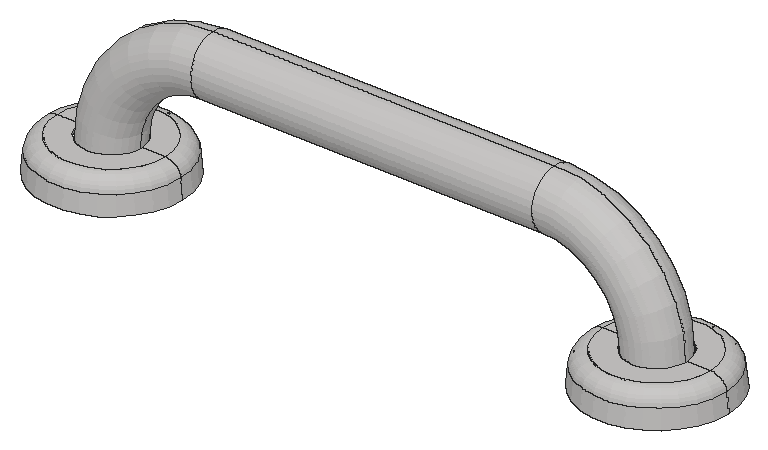
Revit family "84730040 virtu comfort grab rail 300mm", category Plumbing Fixtures, host Face, Revit 2015
Parameters (values of type "Virtu Comfort Grab Rail 300mm")
  Waste Connection = no
  Vent Connection = no
  URL = "https://www.caroma.com.au/"
  Rail_Width = 300 mm
  Rail_Height = 73 mm
  Model = "84730040"
  Material_Base = GWA_Metal-Stainless
  Manufacturer = "GWA Bathrooms & Kitchens"  # constant formula
  HW Connection = no
  Description = "Virtu Comfort Grab Rail 300mm"
  Default Elevation = 0 mm
  CreatedBy_ANZRS = "GWA Bathrooms & Kitchens"  # constant formula
  CW Connection = no
  Assembly Code = "C1030200"
Reference planes
  plane 1 "Center (Front/Back)": y = 0
  plane 2: z = 0
  plane 3 "Center (Left/Right)": x = 0
  plane 4 "Left": x = -150
  plane 5 "Right": x = 150
  plane 6 "Rail_Centre": z = 73
Forms (mm)
  Revolve 1, solid, material "GWA_Metal-Stainless" <- "Material_Base"
    sketch origin (0, 0, 0) x (1, 0, 0) y (0, 0, 1)
      loop
        line (-167, 16.9) -> (-167, 18) -> (-179.753, 18)
        arc (-179.753, 18) -> (-185.44, 15.817) -> (-188.206, 10.39) r 8.5
        line (-188.206, 10.39) -> (-189.3, 0) -> (-188.194, 0) -> (-187.112, 10.275)
        arc (-187.112, 10.275) -> (-184.704, 15) -> (-179.753, 16.9) r 7.4
        line (-179.753, 16.9) -> (-167, 16.9)
      axis (-150, 18) -> (-150, 0)
    angle from 0 to 360
  Revolve 2, solid, material "GWA_Metal-Stainless" <- "Material_Base"
    sketch origin (300, 0, 0) x (1, 0, 0) y (0, 0, 1)
      loop
        line (-167, 16.9) -> (-167, 18) -> (-179.753, 18)
        arc (-179.753, 18) -> (-185.44, 15.817) -> (-188.206, 10.39) r 8.5
        line (-188.206, 10.39) -> (-189.3, 0) -> (-188.194, 0) -> (-187.112, 10.275)
        arc (-187.112, 10.275) -> (-184.704, 15) -> (-179.753, 16.9) r 7.4
        line (-179.753, 16.9) -> (-167, 16.9)
      axis (-150, 18) -> (-150, 0)
    angle from 0 to 360
  Sweep 3, solid, material "GWA_Metal-Stainless" <- "Material_Base"
    path origin (0, 0, 0) x (1, 0, 0) y (0, 0, 1)
      loop
        line (-150, 0) -> (-150, 17)
        arc (-150, 17) -> (-133.598, 56.598) -> (-94, 73) r 56
        line (-94, 73) -> (94, 73)
        arc (94, 73) -> (133.598, 56.598) -> (150, 17) r 56
        line (150, 17) -> (150, 0)
    profile origin (-150, 0, 8.5) x (-1, 0, 0) y (0, -1, 0)
      loop
        circle (0, 0) r 16
Lines and regions (mm)
  Masking region 1
    outline origin (0, 0, 40) x (-1, 0, 0) y (0, -1, 0)
      loop
        arc (114.104, -16) -> (189.3, 0) -> (114.104, 16) r 39.3
        line (114.104, 16) -> (-114.104, 16)
        arc (-114.104, 16) -> (-189.3, 0) -> (-114.104, -16) r 39.3
        line (-114.104, -16) -> (114.104, -16)
  Masking region 2
    outline origin (0, 0, 0) x (1, 0, 0) y (0, 0, 1)
      loop
        line (-189.3, 0) -> (-110.7, 0) -> (-111.792, 10.388)
        arc (-111.792, 10.388) -> (-114.558, 15.817) -> (-120.245, 18) r 8.5
        line (-120.245, 18) -> (-133.987, 18)
        arc (-133.987, 18) -> (-121.928, 45.636) -> (-94, 57) r 40
        line (-94, 57) -> (94, 57)
        arc (94, 57) -> (121.928, 45.636) -> (133.987, 18) r 40
        line (133.987, 18) -> (120.245, 18)
        arc (120.245, 18) -> (114.558, 15.817) -> (111.792, 10.388) r 8.5
        line (111.792, 10.388) -> (110.7, 0) -> (189.3, 0) -> (188.208, 10.388)
        arc (188.208, 10.388) -> (185.442, 15.817) -> (179.755, 18) r 8.5
        line (179.755, 18) -> (165.993, 18)
        arc (165.993, 18) -> (144.557, 68.264) -> (94, 89) r 72
        line (94, 89) -> (-94, 89)
        arc (-94, 89) -> (-144.557, 68.264) -> (-165.993, 18) r 72
        line (-165.993, 18) -> (-179.755, 18)
        arc (-179.755, 18) -> (-185.442, 15.817) -> (-188.208, 10.388) r 8.5
        line (-188.208, 10.388) -> (-189.3, 0)
  Masking region 3
    outline origin (0, 0, 0) x (0, 1, 0) y (0, 0, 1)
      loop
        line (-39.3, 0) -> (39.3, 0) -> (38.208, 10.388)
        arc (38.208, 10.388) -> (35.442, 15.817) -> (29.755, 18) r 8.5
        line (29.755, 18) -> (16, 18) -> (16, 73)
        arc (16, 73) -> (0, 89) -> (-16, 73) r 16
        line (-16, 73) -> (-16, 18) -> (-29.755, 18)
        arc (-29.755, 18) -> (-35.442, 15.817) -> (-38.208, 10.388) r 8.5
        line (-38.208, 10.388) -> (-39.3, 0)
  symbolic lines
    curve 1: arc (-167, 0, 40) -> (-159.758, 13.92, 40) -> (-144.203, 15.981, 40) r 17
    curve 2: arc (-144.203, -15.981, 40) -> (-159.758, -13.92, 40) -> (-167, 0, 40) r 17
    curve 3: arc (-114.104, 16, 40) -> (-189.3, 0, 40) -> (-114.104, -16, 40) r 39.3
    curve 4: arc (144.255, 16, 40) -> (167, 0, 40) -> (144.255, -16, 40) r 17
    curve 5: line (150, 16, 40) -> (114.104, 16, 40)
    curve 6: line (150, -16, 40) -> (114.104, -16, 40)
    curve 7: arc (150, 16, 40) -> (166, 0, 40) -> (150, -16, 40) r 16
    curve 8: arc (-150, -16, 40) -> (-166, 0, 40) -> (-150, 16, 40) r 16
    curve 9: arc (-144.203, 15.981, 40) -> (-167, 0, 40) -> (-144.203, -15.981, 40) r 17
    curve 10: line (-150, 16, 40) -> (-114.104, 16, 40)
    curve 11: line (-165.993, 0, 18) -> (-133.987, 0, 18)
    curve 12: line (133.987, 0, 18) -> (165.993, 0, 18)
    curve 13: line (0, -16, 18) -> (0, 16, 18)
    curve 14: line (-114.104, -16, 40) -> (-150, -16, 40)
Dimensions and locks
  "Rail_Width": plane 4 "Left" to plane 5 "Right"
  equal spacing: plane 4 "Left", plane 3 "Center (Left/Right)", plane 5 "Right"
  "Rail_Height": plane 6 "Rail_Centre" to host face
  aligned and locked: plane 2 to host face
  aligned and locked: level to host face
Automatic sketch dimensions
  host sketch curve to host sketch curve = 2438.4 mm  (x2)
  Revolve 1 sketch curve to Revolve 1 sketch curve = 0 mm  (x2)
  Revolve 1 sketch curve to level = 0 mm
  Revolve 1 sketch curve to plane 4 "Left" = 0 mm
  Revolve 1 sketch curve to plane 4 "Left" = 17 mm
  Revolve 1 sketch curve to Revolve 1 sketch curve = 12.753 mm
  level to Revolve 1 sketch curve = 10.275 mm
  Revolve 1 sketch curve to Revolve 1 sketch curve = 7.359 mm
  Revolve 1 sketch curve to Revolve 1 sketch curve = 1.082 mm
  level to Revolve 1 sketch curve = 10.39 mm
  Revolve 1 sketch curve to Revolve 1 sketch curve = 1.094 mm
  Revolve 1 sketch curve to Revolve 1 sketch curve = 1.106 mm
  Revolve 1 sketch curve to Revolve 1 sketch curve = 0.775 mm
  level to Revolve 1 sketch curve = 7.862 mm
  Revolve 1 sketch curve to Revolve 1 sketch curve = 12.173 mm
  Revolve 2 sketch curve to Revolve 2 sketch curve = 0 mm  (x2)
  Revolve 2 sketch curve to level = 0 mm
  Revolve 2 sketch curve to plane 5 "Right" = 0 mm
  Revolve 2 sketch curve to plane 5 "Right" = 17 mm
  Revolve 2 sketch curve to Revolve 2 sketch curve = 12.753 mm
  level to Revolve 2 sketch curve = 10.275 mm
  Revolve 2 sketch curve to Revolve 2 sketch curve = 7.359 mm
  Revolve 2 sketch curve to Revolve 2 sketch curve = 1.082 mm
  level to Revolve 2 sketch curve = 10.39 mm
  Revolve 2 sketch curve to Revolve 2 sketch curve = 1.094 mm
  Revolve 2 sketch curve to Revolve 2 sketch curve = 1.106 mm
  Revolve 2 sketch curve to Revolve 2 sketch curve = 0.775 mm
  level to Revolve 2 sketch curve = 7.862 mm
  Revolve 2 sketch curve to Revolve 2 sketch curve = 12.173 mm
  Sweep 3 sketch curve to plane 4 "Left" = 0 mm
  Sweep 3 sketch curve to plane 6 "Rail_Centre" = 0 mm
  Sweep 3 sketch curve to plane 5 "Right" = 0 mm
  Sweep 3 sketch curve to level = 0 mm  (x2)
  plane 4 "Left" to Sweep 3 sketch curve = 56 mm
  level to Sweep 3 sketch curve = 17 mm
  plane 1 "Center (Front/Back)" to Sweep 3 sketch curve = 0 mm
  Sweep 3 sketch curve to profile plane = 0 mm
  Masking region 1 sketch curve to plane 5 "Right" = 0 mm
  Masking region 1 sketch curve to plane 5 "Right" = 35.896 mm
  Masking region 1 sketch curve to plane 1 "Center (Front/Back)" = 16 mm
  plane 4 "Left" to Masking region 1 sketch curve = 35.896 mm
  Masking region 1 sketch curve to Masking region 1 sketch curve = 0 mm
  plane 1 "Center (Front/Back)" to Masking region 1 sketch curve = 0 mm  (x2)
  Masking region 1 sketch curve to plane 4 "Left" = 0 mm
  Masking region 2 sketch curve to Masking region 2 sketch curve = 0 mm  (x4)
  Masking region 2 sketch curve to level = 0 mm  (x2)
  Masking region 2 sketch curve to plane 4 "Left" = 39.3 mm
  level to Masking region 2 sketch curve = 10.388 mm  (x4)
  Masking region 2 sketch curve to Masking region 2 sketch curve = 1.092 mm  (x4)
  Masking region 2 sketch curve to Masking region 2 sketch curve = 8.453 mm  (x4)
  Masking region 2 sketch curve to plane 4 "Left" = 15.993 mm
  level to Masking region 2 sketch curve = 9.5 mm  (x2)
  Masking region 2 sketch curve to plane 6 "Rail_Centre" = 16 mm
  plane 5 "Right" to Masking region 2 sketch curve = 15.993 mm
  plane 5 "Right" to Masking region 2 sketch curve = 29.755 mm
  plane 4 "Left" to Masking region 2 sketch curve = 16.013 mm
  Masking region 2 sketch curve to Masking region 2 sketch curve = 0.888 mm  (x2)
  plane 6 "Rail_Centre" to Masking region 2 sketch curve = 16 mm
  Masking region 2 sketch curve to Masking region 2 sketch curve = 16.7 mm
  Masking region 2 sketch curve to Masking region 2 sketch curve = 13.742 mm  (x2)
  curve 11 to plane 4 "Left" = 15.993 mm
  level to curve 11 = 18 mm
  plane 4 "Left" to curve 11 = 16.013 mm
  curve 12 to plane 5 "Right" = 16.013 mm
  plane 5 "Right" to curve 12 = 15.993 mm
  level to curve 12 = 18 mm
  Masking region 3 sketch curve to level = 0 mm
  Masking region 3 sketch curve to plane 1 "Center (Front/Back)" = 0 mm
  plane 1 "Center (Front/Back)" to Masking region 3 sketch curve = 16 mm
  Masking region 3 sketch curve to Masking region 3 sketch curve = 13.755 mm
  level to Masking region 3 sketch curve = 10.388 mm  (x2)
  Masking region 3 sketch curve to Masking region 3 sketch curve = 8.453 mm  (x2)
  Masking region 3 sketch curve to Masking region 3 sketch curve = 1.092 mm  (x2)
  level to Masking region 3 sketch curve = 9.5 mm
  Masking region 3 sketch curve to plane 1 "Center (Front/Back)" = 29.755 mm
  Masking region 3 sketch curve to Masking region 3 sketch curve = 55 mm
  Masking region 3 sketch curve to plane 6 "Rail_Centre" = 0 mm
  plane 1 "Center (Front/Back)" to curve 13 = 16 mm
  level to curve 13 = 18 mm
  curve 13 to plane 1 "Center (Front/Back)" = 16 mm
  curve 1 to curve 2 = 0 mm
  curve 1 to curve 3 = 0 mm  (x2)
  curve 1 to curve 8 = 0 mm  (x2)
  curve 1 to curve 9 = 0 mm
  curve 4 to curve 7 = 0 mm  (x2)
  curve 6 to plane 5 "Right" = 0 mm
  plane 1 "Center (Front/Back)" to curve 8 = 0 mm
  curve 14 to plane 4 "Left" = 0 mm
  plane 1 "Center (Front/Back)" to curve 4 = 0 mm
  curve 10 to plane 1 "Center (Front/Back)" = 16 mm
  curve 5 to plane 1 "Center (Front/Back)" = 16 mm
  curve 7 to curve 4 = 5.745 mm
  curve 4 to curve 6 = 30.151 mm
  curve 4 to curve 5 = 30.151 mm
  curve 14 to curve 3 = 0 mm
  plane 4 "Left" to curve 9 = 5.797 mm  (x2)
  curve 1 to curve 1 = 17 mm
  radius of Sweep 3 sketch curve = 16 mm
